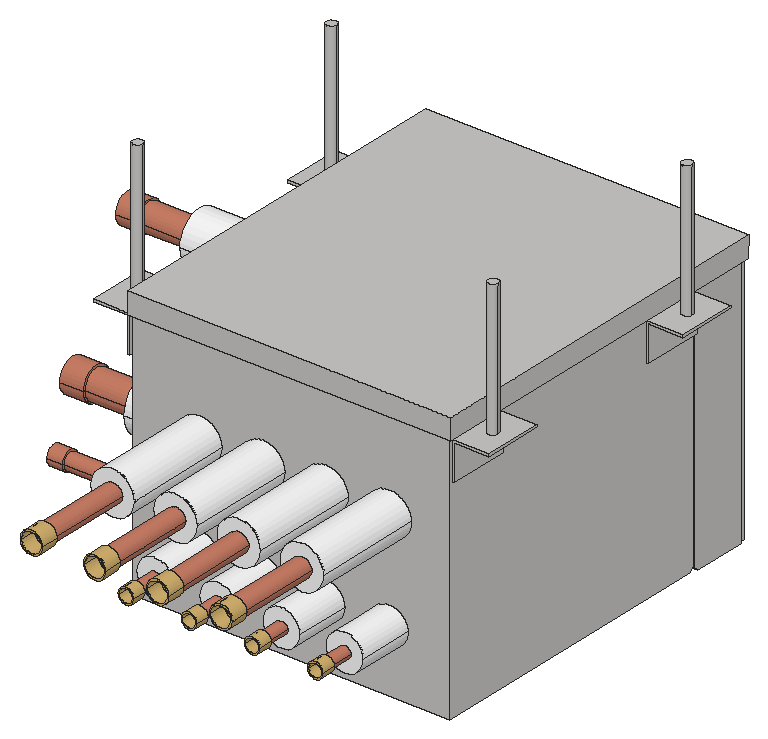
Revit family "Changeover_Box-VRF-Non_ducted-JCI-04_Port", category Mechanical Equipment, Revit 2014
Parameters (values of type "208v")
  Width = Body Width + Gas Front Connection Length  # 21.813"
  Voltage = 208 V
  Product Page URL = ""
  Product Name = "COB04M132B22S"
  Product Documentation Link = ""
  Power Factor = 0.8
  Power Consumption = 11.2 W
  Power Conduit Radius = Power Conduit Diameter / 2  # 7/16"
  Power Conduit Diameter = 7/8"
  Pitch = 4.750"
  Phase = 1
  Outdoor Suction Gas Wall Thickness = Outdoor Suction Gas Socket Outside Radius - Outdoor Suction Gas Socket Inside Radius  # 0.05511"
  Outdoor Suction Gas Socket Outside Radius = 1.0552 * Outdoor Suction Gas Radius + 0.095"  # 0.55665"
  Outdoor Suction Gas Socket Outside Depth = Outdoor Suction Gas Socket Inside Depth + Outdoor Suction Gas Wall Thickness  # 0.80823"
  Outdoor Suction Gas Socket Inside Radius = 1.0001 * Outdoor Suction Gas Radius + 0.064"  # 0.50154"
  Outdoor Suction Gas Socket Inside Depth = 1.15 * Outdoor Suction Gas Radius + 0.250"  # 0.75313"
  Outdoor Liquid Wall Thickness = Outdoor Liquid Socket Outside Radius - Outdoor Liquid Socket Inside Radius  # 0.04477"
  Outdoor Liquid Socket Outside Radius = 1.0552 * Outdoor Liquid Radius + 0.095"  # 0.3588"
  Outdoor Liquid Socket Outside Depth = Outdoor Liquid Socket Inside Depth + Outdoor Liquid Wall Thickness  # 0.58228"
  Outdoor Liquid Socket Inside Radius = 1.0001 * Outdoor Liquid Radius + 0.064"  # 0.31403"
  Outdoor Liquid Socket Inside Depth = 1.15 * Outdoor Liquid Radius + 0.250"  # 0.5375"
  Outdoor Discharge Gas Wall Thickness = Outdoor Discharge Gas Socket Outside Radius - Outdoor Discharge Gas Socket Inside Radius  # 0.05855"
  Outdoor Discharge Gas Socket Outside Radius = 1.0552 * Outdoor Discharge Gas Radius + 0.095"  # 0.6226"
  Outdoor Discharge Gas Socket Outside Depth = Outdoor Discharge Gas Socket Inside Depth + Outdoor Discharge Gas Wall Thickness  # 0.88355"
  Outdoor Discharge Gas Socket Inside Radius = 1.0001 * Outdoor Discharge Gas Radius + 0.064"  # 0.56405"
  Outdoor Discharge Gas Socket Inside Depth = 1.15 * Outdoor Discharge Gas Radius + 0.250"  # 0.825"
  Operating Weight = 30.9999 kgf
  Number of Poles = 2
  Minimum Circuit Current = 0.2 A
  Max Number of Connectable Indoor Units (per branch) = 6
  Max Connectable Capacity (total) = 132000.0 Btu/h
  Max Connectable Capacity (per branch) = 54000.0 Btu/h
  Material Takeoff [instance] = yes
  Liquid Side Connection Length = 4.313"
  Liquid Front Connection Length = 3.375"
  Lid Height = 0.800"
  Length 5 [instance] = if(Material Takeoff, 0.000", Indoor Liquid Socket Inside Depth)  # 0.000"
  Length 4 [instance] = if(Material Takeoff, 0.000", Indoor Gas Socket Inside Depth)  # 0.000"
  Length 31 [instance] = if(Material Takeoff, Outdoor Suction Gas Socket Inside Depth, 0.000")  # 0.75313"
  Length 30 [instance] = if(Material Takeoff, Outdoor Suction Gas Socket Inside Depth, Outdoor Suction Gas Wall Thickness)  # 0.75313"
  Length 29 [instance] = if(Material Takeoff, Outdoor Liquid Socket Inside Depth, 0.000")  # 0.5375"
  Length 28 [instance] = if(Material Takeoff, Outdoor Liquid Socket Inside Depth, Outdoor Liquid Wall Thickness)  # 0.5375"
  Length 27 [instance] = if(Material Takeoff, Outdoor Discharge Gas Socket Inside Depth, Outdoor Discharge Gas Wall Thickness)  # 0.825"
  Length 26 [instance] = if(Material Takeoff, Outdoor Discharge Gas Socket Inside Depth, 0.000")  # 0.825"
  Length 25 [instance] = if(Material Takeoff, 0.000" - Indoor Liquid Socket Inside Depth, 0.000")  # -0.46563"
  Length 24 [instance] = if(Material Takeoff, Indoor Liquid Socket Inside Depth, Indoor Liquid Wall Thickness)  # 0.46563"
  Length 23 [instance] = if(Material Takeoff, Indoor Liquid Socket Inside Depth, 0.000")  # 0.46563"
  Length 22 [instance] = if(Material Takeoff, 0.000" - Indoor Gas Socket Inside Depth, 0.000")  # -0.60938"
  Length 21 [instance] = if(Material Takeoff, Indoor Gas Socket Inside Depth, Indoor Gas Wall Thickness)  # 0.60938"
  Length 20 [instance] = if(Material Takeoff, Indoor Gas Socket Inside Depth, 0.000")  # 0.60938"
  Length 19 = 0.025"
  Length = Body Length + Gas Side Connection Length  # 19.938"
  Indoor Liquid Wall Thickness = Indoor Liquid Socket Outside Radius - Indoor Liquid Socket Inside Radius  # 0.04133"
  Indoor Liquid Socket Outside Radius = 1.0552 * Indoor Liquid Radius + 0.095"  # 0.29285"
  Indoor Liquid Socket Outside Depth = Indoor Liquid Socket Inside Depth + Indoor Liquid Wall Thickness  # 0.50696"
  Indoor Liquid Socket Inside Radius = 1.0001 * Indoor Liquid Radius + 0.064"  # 0.25152"
  Indoor Liquid Socket Inside Depth = 1.15 * Indoor Liquid Radius + 0.250"  # 0.46563"
  Indoor Liquid Insulation Length = 2.000"
  Indoor Gas Wall Thickness = Indoor Gas Socket Outside Radius - Indoor Gas Socket Inside Radius  # 0.04822"
  Indoor Gas Socket Outside Radius = 1.0552 * Indoor Gas Radius + 0.095"  # 0.42475"
  Outdoor Suction Gas Z Offset = 6.125"
  Outdoor Suction Gas Y Offset = 9.625"
  Outdoor Suction Gas Radius = 7/16"
  Outdoor Liquid Z Offset = 2.375"
  Outdoor Liquid Y Offset = 1.9375"
  Outdoor Liquid Radius = 1/4"
  Outdoor Discharge Gas Z Offset = 1.625"
  Outdoor Discharge Gas Y Offset = 7.063"
  Outdoor Discharge Gas Radius = 1/2"
  Length 8 = Outdoor Suction Gas Radius + 0.500"  # 0.9375"
  Outdoor Discharge Gas Body Radius = Outdoor Discharge Gas Radius + 0.060"  # 0.560"
  Length 6 = Outdoor Discharge Gas Radius + 0.500"  # 1.000"
  Indoor Gas Insulation Length = 4.000"
  Indoor Gas Body Radius = Indoor Gas Radius + Indoor Gas Wall Thickness  # 0.36072"
  Indoor Liquid Body Radius = Indoor Liquid Radius + Indoor Liquid Wall Thickness  # 0.22883"
  Length 3 = Indoor Liquid Radius + 0.500"  # 0.6875"
  Length 2 = Indoor Gas Radius + 0.500"  # 0.8125"
  Length 7 = 0.100"  # constant formula
  Length 18 = if(Indoor Gas Y Offset - Length 2 < Width / 2 - Length 1, Indoor Gas Y Offset - Length 2, (Width / 2 - Length 1))  # 2.1375"
  Outdoor Liquid Body Radius = Outdoor Liquid Radius + 0.060"  # 0.310"
  Length 16 = Outdoor Liquid Radius + 0.500"  # 0.750"
  Outdoor Suction Gas Body Radius = Outdoor Suction Gas Radius + 0.060"  # 0.4975"
  Length 1 = 1.125"  # constant formula
  Knockout Z Separation = 1.340"
  Knockout Y Offset = 5.390"
  Knockout Power Radius = 111/256"
  Knockout Control Radius = 101/256"
  Indoor Gas Z Offset = 6.125"
  Indoor Liquid Y Offset = 0.820"
  Indoor Liquid Z Offset = 2.375"
  Indoor Gas Y Offset = 2.950"
  Indoor Gas Socket Outside Depth = Indoor Gas Socket Inside Depth + Indoor Gas Wall Thickness  # 0.65759"
  Indoor Gas Socket Inside Radius = 1.0001 * Indoor Gas Radius + 0.064"  # 0.37653"
  Indoor Gas Socket Inside Depth = 1.15 * Indoor Gas Radius + 0.250"  # 0.60938"
  Highlight Material 1 = Metal - JCI - Brass
  Height = 10.250"
  Front Pipe Spacing = Pitch / 2  # 2.375"
  Gas Front Connection Length = 7.813"
  Frequency = 60 Hz
  Copyright © = "Copyright © 2001-2017 Johnson Controls"  # constant formula
  Control Z Offset = 0.830"
  Gas Side Connection Length = 7.813"
  Comms Conduit Radius = Comms Conduit Diameter / 2  # 1/2"
  Comms Conduit Diameter = 1"
  Body Width = 14.000"
  Body Length = Hanging Bolt Pitch - 1.250"  # 12.125"
  URL = "http://www.johnsoncontrols.com"
  Type Comments = "COB04M132B22S - 208v"
  Insulation Material = Plastic - JCI - White
  Model = Product Name  # "COB04M132B22S"
  Manufacturer = "Johnson Controls Inc."
  Load Classification = HVAC
  Length 9 [instance] = if(Clearance Zones, Clearance Front, 0.000")  # 0.000"
  Length 14 [instance] = if(Clearance Zones, Clearance Top, 0.000")  # 0.000"
  Length 13 [instance] = if(Clearance Zones, Clearance Bottom, 0.000")  # 0.000"
  Length 12 [instance] = if(Clearance Zones, Clearance Right, 0.000")  # 0.000"
  Length 11 [instance] = if(Clearance Zones, Clearance Left, 0.000")  # 0.000"
  Length 10 [instance] = if(Clearance Zones, Clearance Back, 0.000")  # 0.000"
  Hanging Bolt Pitch = 13.375"
  Description = "Cooling/Heating 4 Port Changeover Box"  # constant formula
  Hanging Bolts [instance] = yes
  Drop Rod Radius = 0.188"
  Hanging Height [instance] = 4.250"
  Drain Radius = 5/8"
  Indoor Liquid Radius = 3/16"
  Indoor Gas Radius = 5/16"
  DX Pipe Material = Metal - JCI - Copper
  Clearance Zones [instance] = no
  Clearance Top [instance] = 3.938"
  Clearance Right [instance] = 15.750"
  Clearance Material = Clearance Zones
  Clearance Left [instance] = 19.688"
  Clearance Front [instance] = 27.600"
  Clearance Bottom = 3.938"
  Clearance Back = 33.438"
  Body Material = Metal - JCI - Steel
  Assembly Code = "D3030200"
  Apparent Load = Minimum Circuit Current * Voltage / Power Factor  # 52 VA
  Angle 1 [instance] = if(Material Takeoff, 90.00°, 0.00°)  # 90.00°
Reference planes (in)
  plane 1 "Center (Front/Back)": y = 0
  plane 2: z = 0
  plane 3 "Center (Left/Right)": x = 0
  plane 4 "Back": y = 10.9065
  plane 5 "Front": y = -10.9065
  plane 6 "lid left": x = -6.0625
  plane 7 "lid right": x = 6.0625
  plane 8 "upper bracket left": x = -7.4375
  plane 9 "upper bracket right": x = 7.4375
  plane 10 "Left Bolt Pitch": x = -6.6875
  plane 11 "Right Bolt Pitch": x = 6.6875
  plane 12 "Top": z = 10.25
  plane 13 "Bottom": z = 0
  plane 14 "plate top": z = 9.45
  plane 15 "plate bottom": z = 9.371
  plane 16 "bracket 1 front": y = -2.9935
  plane 17 "Hanging Rods Height": z = 14.5
  plane 18 "bolt bottom": z = 9.071
  plane 19: z = 10.25
  plane 20 "Cleareance Left": x = -6.0625
  plane 21 "Clearance Right": x = 7.4375
  plane 22 "Clearance Front": y = -10.9065
  plane 23 "Clearance Back": y = 10.9065
  plane 24 "Clearance Top": z = 10.25
  plane 25 "Clearance Bottom": z = 0
  plane 26 "bracket 1 back": y = -0.7435
  plane 27 "rod 1 y cl": y = -1.8685
  plane 28 "Left": x = -13.7755
  plane 29 "Right": x = 7.4375
  plane 30 "trim back 1": y = 8.4065
  plane 31 "body top": z = 9.45
  plane 32 "body left": x = -5.9625
  plane 33 "body right": x = 5.9625
  plane 34 "bracket bottom": z = 8.05
  plane 35 "control z cl": z = 0.83
  plane 36 "power z cl": z = 2.17
  plane 37 "indoor liquid z cl": z = 2.375
  plane 38 "outside discharge gas y cl": y = 3.9695
  plane 39 "outdoor liquid y cl": y = -1.156
  plane 40 "outside suction gas y cl": y = 6.5315
  plane 41 "outdoor discharge gas z cl": z = 1.625
  plane 42 "outdoor liquid z cl": z = 2.375
  plane 43 "outdoor suction gas z cl": z = 6.125
  plane 44 "outdoor liquid inuslation left": x = -7.5625
  plane 45 "outdoor gas insulation left": x = -11.0625
  plane 46 "knockout y cl": y = 5.5165
  plane 47 "body back": y = 10.8065
  plane 48 "body front": y = -2.9935
  plane 49 "trim back 2": y = 7.9065
  plane 50 "drain y cl": y = 9.4065
  plane 51 "drain left": x = -7.3625
  plane 52 "front liquid x cl": x = -3.4375
  plane 53 "front gas x cl": x = -1.0625
  plane 54: x = 1.3125
  plane 55: x = 3.6875
  plane 56 "lid front": y = -3.0935
  plane 57 "gas insulation front": y = -7.0935
  plane 58 "indoor gas socket back": y = -10.24891
  plane 59 "indoor liquid socket back": y = -5.96154
  plane 60 "gas void back": y = -10.29713
  plane 61 "gas void front": y = -10.9065
  plane 62 "liquid void back": y = -6.00288
  plane 63 "liquid void front": y = -6.4685
  plane 64 "bracket 2 front": y = 6.1315
  plane 65 "bracket 2 back": y = 8.3815
  plane 66: y = 7.2565
  plane 67 "indoor gas z cl": z = 6.125
  plane 68 "indoor liquid front": y = -6.4685
  plane 69: y = -5.0935
  plane 70 "outside liquid left": x = -10.3755
Forms (in)
  Extrusion 1, solid, detail levels coarse
    sketch origin (0, 0, 0) x (0, 1, 0) y (0, 0, 1)
      loop
        line (-10.9065, 10.25) -> (-10.9065, 0) -> (10.9065, 0) -> (10.9065, 10.25) -> (-10.9065, 10.25)
    from -13.7755 to 7.4375
  Extrusion 2, solid, material "Metal - JCI - Steel" <- "Body Material", visible <- "Hanging Bolts", detail levels medium+fine
    sketch origin (0, 0, 9.45) x (-1, 0, 0) y (0, -1, 0)
      loop
        circle (6.6875, 1.8685) r 0.188
      loop
        circle (-6.6875, 1.8685) r 0.188
      loop
        circle (6.6875, -7.2565) r 0.188
      loop
        circle (-6.6875, -7.2565) r 0.188
    from 0 to 5.05
  Extrusion 3, solid, material "Clearance Zones" <- "Clearance Material", visible <- "Clearance Zones"
    sketch origin (0, 0, 10.25) x (-1, 0, 0) y (0, -1, 0)
      loop
        line (6.0625, -10.9065) -> (6.0625, 10.9065) -> (-7.4375, 10.9065) -> (-7.4375, -10.9065) -> (6.0625, -10.9065)
    from -10.25 to 0
  Extrusion 4, solid, material "Metal - JCI - Steel" <- "Body Material", visible <- "Hanging Bolts", detail levels medium+fine
    sketch origin (0, 0, 10.25) x (-1, 0, 0) y (0, -1, 0)
      loop
        circle (6.6875, 1.8685) r 0.188
      loop
        circle (-6.6875, 1.8685) r 0.188
      loop
        circle (6.6875, -7.2565) r 0.188
      loop
        circle (-6.6875, -7.2565) r 0.188
    from -1.179 to -0.879
  Extrusion 5, solid, material "Metal - JCI - Steel" <- "Body Material", detail levels fine
    sketch origin (0, 0, 10.25) x (-1, 0, 0) y (0, -1, 0)
      loop
        line (6.0625, -10.9065) -> (6.0625, 3.0935) -> (-6.0625, 3.0935) -> (-6.0625, -10.9065) -> (6.0625, -10.9065)
    from -0.8 to 0
  Extrusion 6, solid, material "Metal - JCI - Steel" <- "Body Material", detail levels medium+fine
    sketch origin (0, -10.9065, 0) x (-1, 0, 0) y (0, 0, 1)
      loop
        line (7.4375, 9.45) -> (6.0625, 9.45) -> (6.0625, 8.05) -> (6.1415, 8.05) -> (6.1415, 9.371) -> (7.4375, 9.371) -> (7.4375, 9.45)
      loop
        line (-6.0625, 8.05) -> (-6.0625, 9.45) -> (-7.4375, 9.45) -> (-7.4375, 9.371) -> (-6.1415, 9.371) -> (-6.1415, 8.05) -> (-6.0625, 8.05)
    from 7.913 to 10.163
  Revolve 7, solid, material "Metal - JCI - Copper" <- "DX Pipe Material", detail levels medium+fine
    sketch origin (0, 0, 1.625) x (0, 1, 0) y (-1, 0, 0)
      loop
        line (3.9695, 5.9625) -> (4.9695, 5.9625) -> (4.9695, 11.0625) -> (4.5295, 11.0625) -> (4.5295, 12.89195) -> (4.5921, 12.89195) -> (4.5921, 13.7755) -> (4.53355, 13.7755) -> (4.53355, 12.9505) -> (3.9695, 12.9505) -> (3.9695, 5.9625)
      axis (3.9695, 13.7755) -> (3.9695, 5.9625)
    angle from 0 to 360
  Revolve 8, solid, material "Metal - JCI - Copper" <- "DX Pipe Material", detail levels medium+fine
    sketch origin (0, 0, 2.375) x (0, 1, 0) y (-1, 0, 0)
      loop
        line (-1.156, 9.838) -> (-1.156, 5.9625) -> (-0.406, 5.9625) -> (-0.406, 7.5625) -> (-0.846, 7.5625) -> (-0.846, 9.79322) -> (-0.7972, 9.79322) -> (-0.7972, 10.3755) -> (-0.84198, 10.3755) -> (-0.84198, 9.838) -> (-1.156, 9.838)
      axis (-1.156, 10.3755) -> (-1.156, 5.9625)
    angle from 0 to 360
  Revolve 9, solid, material "Metal - JCI - Copper" <- "DX Pipe Material", detail levels medium+fine
    sketch origin (0, 0, 6.125) x (0, 1, 0) y (-1, 0, 0)
      loop
        line (7.08815, 13.7755) -> (7.03304, 13.7755) -> (7.03304, 13.02237) -> (6.5315, 13.02237) -> (6.5315, 5.9625) -> (7.469, 5.9625) -> (7.469, 11.0625) -> (7.029, 11.0625) -> (7.029, 12.96727) -> (7.08815, 12.96727) -> (7.08815, 13.7755)
      axis (6.5315, 13.7755) -> (6.5315, 5.9625)
    angle from 0 to 360
  Extrusion 10, solid, material "Metal - JCI - Steel" <- "Body Material", detail levels medium
    sketch origin (0, 0, 10.25) x (-1, 0, 0) y (0, -1, 0)
      loop
        line (5.9625, -10.9065) -> (5.9625, 2.9935) -> (-5.9625, 2.9935) -> (-5.9625, -10.9065) -> (5.9625, -10.9065)
    from 0 to -10.25
  Extrusion 11, solid, material "Metal - JCI - Copper" <- "DX Pipe Material", not visible
    sketch origin (-13.7755, 0, 0) x (0, 1, 0) y (0, 0, 1)
      loop
        circle (3.9695, 1.625) r 0.2
    from 0.825 <- "Length 26" to 3
  Extrusion 12, solid, material "Metal - JCI - Copper" <- "DX Pipe Material", not visible
    sketch origin (-10.3755, 0, 0) x (0, 1, 0) y (0, 0, 1)
      loop
        circle (-1.156, 2.375) r 0.2
    from 0.5375 <- "Length 29" to 3
  Extrusion 13, solid, material "Metal - JCI - Copper" <- "DX Pipe Material", not visible
    sketch origin (-13.7755, 0, 0) x (0, 1, 0) y (0, 0, 1)
      loop
        circle (6.5315, 6.125) r 0.2
    from 0.75313 <- "Length 31" to 3
  Extrusion 14, solid, material "Metal - JCI - Steel" <- "Body Material", detail levels fine
    sketch origin (-6.0625, 0, 0) x (0, 1, 0) y (0, 0, 1)
      loop
        line (8.53967, 0) -> (10.8065, 0) -> (10.8065, 9.45) -> (-2.9935, 9.45) -> (-2.9935, 0) -> (8.27333, 0) -> (8.4065, 0.13317) -> (8.53967, 0)
    from 0.1 to 12.025
  Extrusion 15, solid, material "Metal - JCI - Steel" <- "Body Material", detail levels fine
    sketch origin (-6.0625, 0, 0) x (0, 1, 0) y (0, 0, 1)
      loop
        line (8.53967, 0) -> (10.5565, 0) -> (10.5565, 9.45) -> (8.4065, 9.45) -> (8.4065, 0.13317) -> (8.53967, 0)
    from 0 to 12.125
  Extrusion 16, solid, material "Plastic - JCI - White" <- "Insulation Material", detail levels medium+fine
    sketch origin (0, -2.9935, 0) x (-1, 0, 0) y (0, 0, 1)
      loop
        circle (1.0625, 6.125) r 0.8125
      loop
        circle (-3.6875, 6.125) r 0.8125
      loop
        circle (3.4375, 6.125) r 0.8125
      loop
        circle (-1.3125, 6.125) r 0.8125
    from 0 to -4.1
  Extrusion 17, solid, material "Metal - JCI - Copper" <- "DX Pipe Material", detail levels medium+fine
    sketch origin (0, -10.9065, 0) x (-1, 0, 0) y (0, 0, 1)
      loop
        circle (1.0625, 6.125) r 0.36072
      loop
        circle (-3.6875, 6.125) r 0.36072
      loop
        circle (3.4375, 6.125) r 0.36072
      loop
        circle (-1.3125, 6.125) r 0.36072
    from 0.65759 to 3.813
  Extrusion 18, solid, material "Metal - JCI - Brass" <- "Highlight Material 1", detail levels medium+fine
    sketch origin (0, -10.9065, 0) x (-1, 0, 0) y (0, 0, 1)
      loop
        circle (1.0625, 6.125) r 0.42475
      loop
        circle (-3.6875, 6.125) r 0.42475
      loop
        circle (3.4375, 6.125) r 0.42475
      loop
        circle (-1.3125, 6.125) r 0.42475
    from 0 to 0.65759
  Extrusion 19, void
    sketch origin (0, -10.9065, 0) x (-1, 0, 0) y (0, 0, 1)
      loop
        circle (1.0625, 6.125) r 0.37653
      loop
        circle (-3.6875, 6.125) r 0.37653
      loop
        circle (3.4375, 6.125) r 0.37653
      loop
        circle (-1.3125, 6.125) r 0.37653
    from 0 to 0.60938
  Extrusion 20, solid, material "Metal - JCI - Copper" <- "DX Pipe Material", detail levels medium+fine
    sketch origin (0, -10.9065, 0) x (-1, 0, 0) y (0, 0, 1)
      loop
        circle (3.4375, 2.375) r 0.22883
      loop
        circle (-1.3125, 2.375) r 0.22883
      loop
        circle (1.0625, 2.375) r 0.22883
      loop
        circle (-3.6875, 2.375) r 0.22883
    from 5.813 to 4.94496
  Extrusion 21, solid, material "Metal - JCI - Brass" <- "Highlight Material 1", detail levels medium+fine
    sketch origin (0, -10.9065, 0) x (-1, 0, 0) y (0, 0, 1)
      loop
        circle (3.4375, 2.375) r 0.29285
      loop
        circle (-1.3125, 2.375) r 0.29285
      loop
        circle (1.0625, 2.375) r 0.29285
      loop
        circle (-3.6875, 2.375) r 0.29285
    from 4.438 to 4.94496
  Extrusion 22, void
    sketch origin (0, -10.9065, 0) x (-1, 0, 0) y (0, 0, 1)
      loop
        circle (3.4375, 2.375) r 0.25152
      loop
        circle (-1.3125, 2.375) r 0.25152
      loop
        circle (1.0625, 2.375) r 0.25152
      loop
        circle (-3.6875, 2.375) r 0.25152
    from 4.90363 to 4.438
  Extrusion 23, solid, material "Metal - JCI - Steel" <- "Body Material", detail levels medium+fine
    sketch origin (0, -10.9065, 0) x (-1, 0, 0) y (0, 0, 1)
      loop
        line (6.0625, 9.45) -> (6.0625, 8.05) -> (6.1415, 8.05) -> (6.1415, 9.371) -> (7.4375, 9.371) -> (7.4375, 9.45) -> (6.0625, 9.45)
      loop
        line (-6.1415, 8.05) -> (-6.0625, 8.05) -> (-6.0625, 9.45) -> (-7.4375, 9.45) -> (-7.4375, 9.371) -> (-6.1415, 9.371) -> (-6.1415, 8.05)
    from 17.038 to 19.288
  Extrusion 24, solid, material "Plastic - JCI - White" <- "Insulation Material", detail levels medium+fine
    sketch origin (0, -10.9065, 0) x (-1, 0, 0) y (0, 0, 1)
      loop
        circle (3.4375, 2.375) r 0.6875
      loop
        circle (-1.3125, 2.375) r 0.6875
      loop
        circle (1.0625, 2.375) r 0.6875
      loop
        circle (-3.6875, 2.375) r 0.6875
    from 5.813 to 7.913
  Extrusion 25, solid, material "Metal - JCI - Steel" <- "Body Material", detail levels medium+fine
    sketch origin (0, 0, 0) x (-1, 0, 0) y (0, -1, 0)
      loop
        circle (4.5875, -9.969) r 0.4375
      loop
        circle (-2.35, -9.594) r 0.5
    from 0 to 0.83
Cuts and joins
  Extrusion 19 cuts Extrusion 18
  Extrusion 22 cuts Extrusion 21
Lines and regions (in)
  Masking region 1, detail levels medium+fine
    outline origin (0, 0, 9.45) x (-1, 0, 0) y (0, -1, 0)
      loop
        line (6.0625, -10.9065) -> (6.0625, 3.0935) -> (-6.0625, 3.0935) -> (-6.0625, -10.9065) -> (6.0625, -10.9065)
  Masking region 2, detail levels medium+fine
    outline origin (0, 0, 0) x (1, 0, 0) y (0, 0, 1)
      loop
        line (-6.0625, 10.25) -> (-6.0625, 0) -> (6.0625, 0) -> (6.0625, 10.25) -> (-6.0625, 10.25)
  Masking region 3, detail levels coarse
    outline origin (0, 0, 0) x (0, 1, 0) y (0, 0, 1)
      loop
        line (-10.9065, 10.25) -> (-10.9065, 0) -> (10.9065, 0) -> (10.9065, 10.25) -> (-10.9065, 10.25)
  Masking region 4, visible <- "Hanging Bolts", detail levels fine
    outline origin (0, 0, 0) x (0, 1, 0) y (0, 0, 1)
      loop
        line (-2.0565, 14.5) -> (-2.0565, 9.45) -> (-1.6805, 9.45) -> (-1.6805, 14.5) -> (-2.0565, 14.5)
      loop
        line (-1.6805, 9.371) -> (-2.0565, 9.371) -> (-2.0565, 9.071) -> (-1.6805, 9.071) -> (-1.6805, 9.371)
      loop
        line (7.4445, 14.5) -> (7.0685, 14.5) -> (7.0685, 9.45) -> (7.4445, 9.45) -> (7.4445, 14.5)
      loop
        line (7.4445, 9.371) -> (7.0685, 9.371) -> (7.0685, 9.071) -> (7.4445, 9.071) -> (7.4445, 9.371)
  Masking region 5, detail levels fine
    outline origin (0, 0, 0) x (1, 0, 0) y (0, 0, 1)
      loop
        line (-7.4375, 9.45) -> (-7.4375, 9.371) -> (-6.1415, 9.371) -> (-6.1415, 8.05) -> (-6.0625, 8.05) -> (-6.0625, 9.45) -> (-7.4375, 9.45)
      loop
        line (6.1415, 9.371) -> (7.4375, 9.371) -> (7.4375, 9.45) -> (6.0625, 9.45) -> (6.0625, 8.05) -> (6.1415, 8.05) -> (6.1415, 9.371)
  Masking region 6, visible <- "Hanging Bolts", detail levels fine
    outline origin (0, 0, 0) x (1, 0, 0) y (0, 0, 1)
      loop
        line (-6.8755, 14.5) -> (-6.8755, 9.45) -> (-6.4995, 9.45) -> (-6.4995, 14.5) -> (-6.8755, 14.5)
      loop
        line (6.4995, 14.5) -> (6.4995, 9.45) -> (6.8755, 9.45) -> (6.8755, 14.5) -> (6.4995, 14.5)
      loop
        line (-6.8755, 9.371) -> (-6.8755, 9.071) -> (-6.4995, 9.071) -> (-6.4995, 9.371) -> (-6.8755, 9.371)
      loop
        line (6.4995, 9.371) -> (6.4995, 9.071) -> (6.8755, 9.071) -> (6.8755, 9.371) -> (6.4995, 9.371)
  Masking region 7, detail levels medium+fine
    outline origin (0, 0, 9.45) x (-1, 0, 0) y (0, -1, 0)
      loop
        line (10.3755, 0.7972) -> (10.3755, 1.5148) -> (9.79322, 1.5148) -> (9.79322, 1.466) -> (7.5625, 1.466) -> (7.5625, 1.906) -> (6.0625, 1.906) -> (6.0625, 0.406) -> (7.5625, 0.406) -> (7.5625, 0.846) -> (9.79322, 0.846) -> (9.79322, 0.7972) -> (10.3755, 0.7972)
  Masking region 8, detail levels medium+fine
    outline origin (0, 0, 9.45) x (-1, 0, 0) y (0, -1, 0)
      loop
        line (12.96727, -7.08815) -> (13.7755, -7.08815) -> (13.7755, -5.97485) -> (12.96727, -5.97485) -> (12.96727, -6.034) -> (11.0625, -6.034) -> (11.0625, -5.594) -> (6.0625, -5.594) -> (6.0625, -7.469) -> (11.0625, -7.469) -> (11.0625, -7.029) -> (12.96727, -7.029) -> (12.96727, -7.08815)
      loop
        line (12.89195, -4.5295) -> (12.89195, -4.5921) -> (13.7755, -4.5921) -> (13.7755, -3.3469) -> (12.89195, -3.3469) -> (12.89195, -3.4095) -> (11.0625, -3.4095) -> (11.0625, -2.9695) -> (6.0625, -2.9695) -> (6.0625, -4.9695) -> (11.0625, -4.9695) -> (11.0625, -4.5295) -> (12.89195, -4.5295)
  Masking region 9, detail levels coarse
    outline origin (0, 0, 10.25) x (-1, 0, 0) y (0, -1, 0)
      loop
        line (-7.4375, -10.9065) -> (13.7755, -10.9065) -> (13.7755, 10.9065) -> (-7.4375, 10.9065) -> (-7.4375, -10.9065)
  Masking region 10, detail levels coarse
    outline origin (0, -10.9065, 0) x (-1, 0, 0) y (0, 0, 1)
      loop
        line (13.7755, 10.25) -> (-7.4375, 10.25) -> (-7.4375, 0) -> (13.7755, 0) -> (13.7755, 10.25)
  Masking region 11, detail levels medium+fine
    outline origin (5.9625, 0, 0) x (0, 1, 0) y (0, 0, 1)
      loop
        line (-2.9935, 3.0625) -> (-5.0935, 3.0625) -> (-5.0935, 2.60383) -> (-5.96154, 2.60383) -> (-5.96154, 2.66785) -> (-6.4685, 2.66785) -> (-6.4685, 2.08215) -> (-5.96154, 2.08215) -> (-5.96154, 2.14617) -> (-5.0935, 2.14617) -> (-5.0935, 1.6875) -> (-2.9935, 1.6875) -> (-2.9935, 3.0625)
      loop
        line (-2.9935, 6.9375) -> (-7.0935, 6.9375) -> (-7.0935, 6.48572) -> (-10.24891, 6.48572) -> (-10.24891, 6.54975) -> (-10.9065, 6.54975) -> (-10.9065, 5.70025) -> (-10.24891, 5.70025) -> (-10.24891, 5.76428) -> (-7.0935, 5.76428) -> (-7.0935, 5.3125) -> (-2.9935, 5.3125) -> (-2.9935, 6.9375)
  Masking region 12, detail levels medium
    outline origin (0, 0, 0) x (0, 1, 0) y (0, 0, 1)
      loop
        line (10.9065, 10.25) -> (-2.9935, 10.25) -> (-2.9935, 0) -> (10.9065, 0) -> (10.9065, 10.25)
  Masking region 13, detail levels coarse
    outline origin (0, 0, 0) x (1, 0, 0) y (0, 0, 1)
      loop
        line (-13.7755, 10.25) -> (-13.7755, 0) -> (7.4375, 0) -> (7.4375, 10.25) -> (-13.7755, 10.25)
  Masking region 14, detail levels fine
    outline origin (0, 0, 0) x (0, 1, 0) y (0, 0, 1)
      loop
        line (10.8065, 9.45) -> (10.9065, 9.45) -> (10.9065, 10.25) -> (-3.0935, 10.25) -> (-3.0935, 9.45) -> (-2.9935, 9.45) -> (-2.9935, 0) -> (8.27333, 0) -> (8.4065, 0.13317) -> (8.53967, 0) -> (10.8065, 0) -> (10.8065, 9.45)
  Masking region 15, detail levels medium+fine
    outline origin (0, 0, 10.25) x (-1, 0, 0) y (0, -1, 0)
      loop
        line (6.0625, -8.3815) -> (7.4375, -8.3815) -> (7.4375, -6.1315) -> (6.0625, -6.1315) -> (6.0625, -8.3815)
      loop
        line (6.0625, 0.7435) -> (7.4375, 0.7435) -> (7.4375, 2.9935) -> (6.0625, 2.9935) -> (6.0625, 0.7435)
      loop
        line (-7.4375, 0.7435) -> (-6.0625, 0.7435) -> (-6.0625, 2.9935) -> (-7.4375, 2.9935) -> (-7.4375, 0.7435)
      loop
        line (-7.4375, -8.3815) -> (-6.0625, -8.3815) -> (-6.0625, -6.1315) -> (-7.4375, -6.1315) -> (-7.4375, -8.3815)
  Masking region 16, detail levels medium+fine
    outline origin (0, 0, 10.25) x (-1, 0, 0) y (0, -1, 0)
      loop
        line (3.79822, 7.0935) -> (3.79822, 10.24891) -> (3.86225, 10.24891) -> (3.86225, 10.9065) -> (3.01275, 10.9065) -> (3.01275, 10.24891) -> (3.07678, 10.24891) -> (3.07678, 7.0935) -> (2.625, 7.0935) -> (2.625, 3.0935) -> (4.25, 3.0935) -> (4.25, 7.0935) -> (3.79822, 7.0935)
      loop
        line (1.42322, 7.0935) -> (1.42322, 10.24891) -> (1.48725, 10.24891) -> (1.48725, 10.9065) -> (0.63775, 10.9065) -> (0.63775, 10.24891) -> (0.70178, 10.24891) -> (0.70178, 7.0935) -> (0.25, 7.0935) -> (0.25, 3.0935) -> (1.875, 3.0935) -> (1.875, 7.0935) -> (1.42322, 7.0935)
      loop
        line (-0.95178, 7.0935) -> (-0.95178, 10.24891) -> (-0.88775, 10.24891) -> (-0.88775, 10.9065) -> (-1.73725, 10.9065) -> (-1.73725, 10.24891) -> (-1.67322, 10.24891) -> (-1.67322, 7.0935) -> (-2.125, 7.0935) -> (-2.125, 3.0935) -> (-0.5, 3.0935) -> (-0.5, 7.0935) -> (-0.95178, 7.0935)
      loop
        line (-3.32678, 7.0935) -> (-3.32678, 10.24891) -> (-3.26275, 10.24891) -> (-3.26275, 10.9065) -> (-4.11225, 10.9065) -> (-4.11225, 10.24891) -> (-4.04822, 10.24891) -> (-4.04822, 7.0935) -> (-4.5, 7.0935) -> (-4.5, 3.0935) -> (-2.875, 3.0935) -> (-2.875, 7.0935) -> (-3.32678, 7.0935)
  Masking region 17, detail levels fine
    outline origin (0, 6.5315, 0) x (0, 0, 1) y (-1, 0, 0)
      loop
        line (6.68165, 13.7755) -> (5.56835, 13.7755) -> (5.56835, 12.96727) -> (5.6275, 12.96727) -> (5.6275, 11.0625) -> (5.1875, 11.0625) -> (5.1875, 6.0625) -> (7.0625, 6.0625) -> (7.0625, 11.0625) -> (6.6225, 11.0625) -> (6.6225, 12.96727) -> (6.68165, 12.96727) -> (6.68165, 13.7755)
      loop
        line (2.2476, 12.89195) -> (2.2476, 13.7755) -> (1.0024, 13.7755) -> (1.0024, 12.89195) -> (1.065, 12.89195) -> (1.065, 11.0625) -> (0.625, 11.0625) -> (0.625, 6.0625) -> (2.625, 6.0625) -> (2.625, 11.0625) -> (2.185, 11.0625) -> (2.185, 12.89195) -> (2.2476, 12.89195)
  Masking region 18, detail levels medium+fine
    outline origin (0, -1.156, 0) x (0, 0, 1) y (-1, 0, 0)
      loop
        line (2.7338, 9.79322) -> (2.7338, 10.3755) -> (2.0162, 10.3755) -> (2.0162, 9.79322) -> (2.065, 9.79322) -> (2.065, 7.5625) -> (1.625, 7.5625) -> (1.625, 6.0625) -> (3.125, 6.0625) -> (3.125, 7.5625) -> (2.685, 7.5625) -> (2.685, 9.79322) -> (2.7338, 9.79322)
  symbolic lines, detail levels medium+fine
    curve 1: circle (-6.6875, -1.8685, 9.45) r 0.188 normal (0, 0, 1)
    curve 2: circle (6.6875, -1.8685, 9.45) r 0.188 normal (0, 0, 1)
    curve 3: line (0, -2.9935, 9.371) -> (0, -0.7435, 9.371)
    curve 17: line (-9.79322, -0.846, 9.45) -> (-9.79322, -1.466, 9.45)
    curve 18: line (-7.5625, -0.846, 9.45) -> (-7.5625, -1.466, 9.45)
    curve 19: line (-12.96727, 7.029, 9.45) -> (-12.96727, 6.034, 9.45)
    curve 20: line (-11.0625, 7.029, 9.45) -> (-11.0625, 6.034, 9.45)
    curve 24: circle (-6.0625, 3.9695, 1.625) r 1 normal (1, 0, 0)
    curve 25: circle (-6.0625, 3.9695, 1.625) r 0.6226 normal (1, 0, 0)
    curve 26: circle (-6.0625, -1.156, 2.375) r 0.3588 normal (1, 0, 0)
    curve 27: circle (-6.0625, -1.156, 2.375) r 0.75 normal (1, 0, 0)
    curve 28: circle (-6.0625, 6.5315, 6.125) r 0.55665 normal (1, 0, 0)
    curve 29: circle (-6.0625, 6.5315, 6.125) r 0.9375 normal (1, 0, 0)
    curve 34: line (5.9625, -5.0935, 2.60383) -> (5.9625, -5.0935, 2.14617)
    curve 35: line (5.9625, -5.96154, 2.60383) -> (5.9625, -5.96154, 2.14617)
    curve 36: circle (-3.4375, -10.9065, 2.375) r 0.5875 normal (0, 1, 0)
    curve 37: circle (-1.0625, -10.9065, 6.125) r 0.8125 normal (0, 1, 0)
    curve 38: circle (1.3125, -10.9065, 2.375) r 0.5875 normal (0, 1, 0)
    curve 39: circle (3.6875, -10.9065, 6.125) r 0.8125 normal (0, 1, 0)
    curve 40: circle (-3.4375, -10.9065, 2.375) r 0.29285 normal (0, 1, 0)
    curve 41: circle (-1.0625, -10.9065, 6.125) r 0.42475 normal (0, 1, 0)
    curve 42: circle (1.3125, -10.9065, 2.375) r 0.29285 normal (0, 1, 0)
    curve 43: circle (3.6875, -10.9065, 6.125) r 0.42475 normal (0, 1, 0)
    curve 46: circle (6.6875, 7.2565, 10.25) r 0.188 normal (0, 0, 1)
    curve 47: circle (-6.6875, 7.2565, 10.25) r 0.188 normal (0, 0, 1)
    curve 48: line (-11.0625, 4.5295, 9.45) -> (-11.0625, 3.4095, 9.45)
    curve 49: line (-12.89195, 4.5295, 9.45) -> (-12.89195, 3.4095, 9.45)
    curve 50: line (-3.79822, -7.0935, 10.25) -> (-3.07678, -7.0935, 10.25)
    curve 51: line (-1.42322, -7.0935, 10.25) -> (-0.70178, -7.0935, 10.25)
    curve 52: line (0.95178, -7.0935, 10.25) -> (1.67322, -7.0935, 10.25)
    curve 53: line (3.32678, -7.0935, 10.25) -> (4.04822, -7.0935, 10.25)
    curve 54: line (-3.79822, -10.24891, 10.25) -> (-3.07678, -10.24891, 10.25)
    curve 55: line (-1.42322, -10.24891, 10.25) -> (-0.70178, -10.24891, 10.25)
    curve 56: line (1.67322, -10.24891, 10.25) -> (0.95178, -10.24891, 10.25)
    curve 57: line (3.32678, -10.24891, 10.25) -> (4.04822, -10.24891, 10.25)
    curve 60: line (-5.9625, 6.1315, 9.371) -> (-5.9625, 8.3815, 9.371)
    curve 63: line (-12.96727, 6.5315, 6.6225) -> (-12.96727, 6.5315, 5.6275)
    curve 64: line (-11.0625, 6.5315, 6.6225) -> (-11.0625, 6.5315, 5.6275)
    curve 65: line (-12.89195, 6.5315, 2.185) -> (-12.89195, 6.5315, 1.065)
    curve 66: line (-11.0625, 6.5315, 2.185) -> (-11.0625, 6.5315, 1.065)
    curve 67: line (-5.9625, -7.0935, 6.48572) -> (-5.9625, -7.0935, 5.76428)
    curve 68: line (-5.9625, -10.24891, 6.48572) -> (-5.9625, -10.24891, 5.76428)
    curve 69: circle (-3.4375, -10.9065, 6.125) r 0.37653 normal (0, 1, 0)
    curve 70: circle (-3.4375, -10.9065, 6.125) r 0.8125 normal (0, 1, 0)
    curve 71: circle (1.3125, -10.9065, 6.125) r 0.8125 normal (0, 1, 0)
    curve 72: circle (1.3125, -10.9065, 6.125) r 0.37653 normal (0, 1, 0)
    curve 73: circle (-1.0625, -10.9065, 2.375) r 0.25152 normal (0, 1, 0)
    curve 74: circle (-1.0625, -10.9065, 2.375) r 0.6875 normal (0, 1, 0)
    curve 75: circle (3.6875, -10.9065, 2.375) r 0.25152 normal (0, 1, 0)
    curve 76: circle (3.6875, -10.9065, 2.375) r 0.6875 normal (0, 1, 0)
    curve 77: line (-9.79322, -1.156, 2.685) -> (-9.79322, -1.156, 2.065)
    curve 78: line (-7.5625, -1.156, 2.685) -> (-7.5625, -1.156, 2.065)
  symbolic lines, visible <- "Hanging Bolts", detail levels medium
    curve 4: line (0, -1.8685, 9.071) -> (0, -1.8685, 14.5)
    curve 7: line (-6.6875, 0, 14.5) -> (-6.6875, 0, 9.071)
    curve 8: line (6.6875, 0, 14.5) -> (6.6875, 0, 9.071)
    curve 79: line (0, 7.2565, 9.071) -> (0, 7.2565, 14.5)
  symbolic lines, detail levels medium
    curve 5: line (-7.4375, 0, 9.45) -> (-6.0625, 0, 9.45)
    curve 6: line (6.0625, 0, 9.45) -> (7.4375, 0, 9.45)
  symbolic lines, style "Clearance Zones", visible <- "Clearance Zones"
    curve 9: line (-6.0625, -10.9065, 10.25) -> (7.4375, -10.9065, 10.25)
    curve 10: line (-6.0625, -10.9065, 0) -> (-6.0625, -10.9065, 10.25)
    curve 11: line (7.4375, -10.9065, 0) -> (-6.0625, -10.9065, 0)
    curve 12: line (7.4375, -10.9065, 10.25) -> (7.4375, -10.9065, 0)
    curve 13: line (0, -10.9065, 10.25) -> (0, 10.9065, 10.25)
    curve 14: line (0, -10.9065, 0) -> (0, -10.9065, 10.25)
    curve 15: line (0, 10.9065, 0) -> (0, -10.9065, 0)
    curve 16: line (0, 10.9065, 10.25) -> (0, 10.9065, 0)
    curve 30: line (-6.0625, 10.9065, 10.25) -> (7.4375, 10.9065, 10.25)
    curve 31: line (-6.0625, -10.9065, 10.25) -> (-6.0625, 10.9065, 10.25)
    curve 32: line (7.4375, -10.9065, 10.25) -> (-6.0625, -10.9065, 10.25)
    curve 33: line (7.4375, 10.9065, 10.25) -> (7.4375, -10.9065, 10.25)
  symbolic lines, detail levels fine
    curve 21: line (6.0625, -2.9935, 9.45) -> (6.0625, -2.9935, 8.05)
    curve 22: line (6.0625, -2.9935, 8.05) -> (6.0625, -0.7435, 8.05)
    curve 23: line (6.0625, -0.7435, 8.05) -> (6.0625, -0.7435, 9.45)
    curve 44: line (-6.0625, -10.9065, 9.45) -> (6.0625, -10.9065, 9.45)
    curve 45: line (-5.9625, 10.9065, 9.45) -> (-5.9625, -3.0935, 9.45)
    curve 58: line (-5.9625, 6.1315, 8.05) -> (-5.9625, 8.3815, 8.05)
    curve 59: line (-5.9625, 6.1315, 9.45) -> (-5.9625, 6.1315, 8.05)
    curve 61: line (-5.9625, 10.5565, 0) -> (-5.9625, 10.5565, 9.45)
    curve 62: line (-5.9625, 8.4065, 9.45) -> (-5.9625, 8.4065, 0.13317)
Dimensions and locks (in)
  equal spacing: plane 6 "lid left", plane 3 "Center (Left/Right)", plane 7 "lid right"
  equal spacing: plane 4 "Back", plane 1 "Center (Front/Back)", plane 5 "Front"
  "Width": plane 4 "Back" to plane 5 "Front"
  "Height": plane 12 "Top" to plane 13 "Bottom"
  "Hanging Height": plane 17 "Hanging Rods Height" to plane 12 "Top"
  locked: plane 15 "plate bottom" to plane 18 "bolt bottom" at 0.3
  "Drop Rod Radius": plane 10 "Left Bolt Pitch" to Masking region 6 sketch curve  (x2)
  "Drop Rod Radius": plane 11 "Right Bolt Pitch" to Masking region 6 sketch curve  (x2)
  "Length 11": plane 20 "Cleareance Left" to plane 6 "lid left"
  "Length 14": plane 24 "Clearance Top" to plane 12 "Top"
  "Length 13": plane 13 "Bottom" to plane 25 "Clearance Bottom"
  "Length 1": plane 26 "bracket 1 back" to plane 27 "rod 1 y cl"
  locked: plane 14 "plate top" to plane 15 "plate bottom" at 0.079
  "Body Length": plane 6 "lid left" to plane 7 "lid right"
  locked: plane 8 "upper bracket left" to plane 10 "Left Bolt Pitch" at 0.75
  locked: plane 11 "Right Bolt Pitch" to plane 9 "upper bracket right" at 0.75
  equal spacing: plane 10 "Left Bolt Pitch", plane 3 "Center (Left/Right)", plane 11 "Right Bolt Pitch"
  "Hanging Bolt Pitch": plane 10 "Left Bolt Pitch" to plane 11 "Right Bolt Pitch"
  locked: plane 4 "Back" to plane 30 "trim back 1" at 2.5
  "Lid Height": plane 12 "Top" to plane 31 "body top"
  locked: plane 6 "lid left" to plane 32 "body left" at 0.1
  locked: plane 33 "body right" to plane 7 "lid right" at 0.1
  locked: plane 14 "plate top" to plane 34 "bracket bottom" at 1.4
  locked: Extrusion 6 sketch curve to Extrusion 6 sketch curve at 0.079  (x2)
  "Control Z Offset": plane 35 "control z cl" to plane 13 "Bottom"
  "Knockout Z Separation": plane 36 "power z cl" to plane 35 "control z cl"
  "Indoor Liquid Z Offset": plane 37 "indoor liquid z cl" to plane 13 "Bottom"
  "Outdoor Discharge Gas Y Offset": plane 38 "outside discharge gas y cl" to plane 56 "lid front"
  "Outdoor Liquid Y Offset": plane 39 "outdoor liquid y cl" to plane 56 "lid front"
  "Drop Rod Radius": Masking region 4 sketch curve to plane 27 "rod 1 y cl"
  "Drop Rod Radius": plane 27 "rod 1 y cl" to Masking region 4 sketch curve
  "Outdoor Suction Gas Y Offset": plane 40 "outside suction gas y cl" to plane 56 "lid front"
  "Outdoor Discharge Gas Z Offset": plane 41 "outdoor discharge gas z cl" to plane 13 "Bottom"
  "Outdoor Liquid Z Offset": plane 42 "outdoor liquid z cl" to plane 13 "Bottom"
  "Outdoor Suction Gas Z Offset": plane 43 "outdoor suction gas z cl" to plane 13 "Bottom"
  locked: plane 44 "outdoor liquid inuslation left" to plane 6 "lid left" at 1.5
  locked: plane 45 "outdoor gas insulation left" to plane 6 "lid left" at 5
  "Outdoor Discharge Gas Socket Outside Depth": Revolve 7 sketch curve to Revolve 7 sketch curve
  "Length 6": Revolve 7 sketch curve to Revolve 7 sketch curve
  "Outdoor Discharge Gas Body Radius": Revolve 7 sketch curve to Revolve 7 sketch curve
  "Outdoor Liquid Socket Outside Depth": Revolve 8 sketch curve to Revolve 8 sketch curve
  "Outdoor Liquid Body Radius": Revolve 8 sketch curve to Revolve 8 sketch curve
  "Length 16": Revolve 8 sketch curve to Revolve 8 sketch curve
  "Outdoor Suction Gas Socket Outside Depth": Revolve 9 sketch curve to Revolve 9 sketch curve
  "Outdoor Suction Gas Body Radius": Revolve 9 sketch curve to Revolve 9 sketch curve
  "Length 8": Revolve 9 sketch curve to Revolve 9 sketch curve
  "Knockout Y Offset": plane 46 "knockout y cl" to plane 4 "Back"
  locked: Masking region 5 sketch curve to plane 6 "lid left" at 0.079
  "Length 12": plane 29 "Right" to plane 21 "Clearance Right"
  "Length 9": plane 22 "Clearance Front" to plane 5 "Front"
  "Length 10": plane 4 "Back" to plane 23 "Clearance Back"
  "Outdoor Discharge Gas Wall Thickness": Revolve 7 sketch curve to Revolve 7 sketch curve
  "Length 27": Revolve 7 sketch curve to Revolve 7 sketch curve
  "Outdoor Liquid Socket Outside Radius": Revolve 8 sketch curve to Revolve 8 sketch curve
  "Outdoor Liquid Wall Thickness": Revolve 8 sketch curve to Revolve 8 sketch curve
  "Length 28": Revolve 8 sketch curve to Revolve 8 sketch curve
  "Outdoor Discharge Gas Socket Outside Radius": Revolve 7 sketch curve to Revolve 7 sketch curve
  "Outdoor Suction Gas Socket Outside Radius": Revolve 9 sketch curve to Revolve 9 sketch curve
  "Outdoor Suction Gas Wall Thickness": Revolve 9 sketch curve to Revolve 9 sketch curve
  "Length 30": Revolve 9 sketch curve to Revolve 9 sketch curve
  locked: plane 4 "Back" to plane 47 "body back" at 0.1
  locked: plane 30 "trim back 1" to plane 49 "trim back 2" at 0.5
  locked: plane 4 "Back" to plane 50 "drain y cl" at 1.5
  plane 47 "body back" to Extrusion 15 sketch curve = 0.250"
  locked: plane 51 "drain left" to plane 6 "lid left" at 1.3
  "Front Pipe Spacing": plane 52 "front liquid x cl" to plane 53 "front gas x cl"
  locked: plane 6 "lid left" to plane 52 "front liquid x cl" at 2.625
  "Front Pipe Spacing": plane 54 to plane 55
  "Pitch": plane 52 "front liquid x cl" to plane 54
  "Gas Front Connection Length": plane 56 "lid front" to plane 5 "Front"
  locked: plane 48 "body front" to plane 56 "lid front" at 0.1
  "Indoor Gas Insulation Length": plane 56 "lid front" to plane 57 "gas insulation front"
  "Indoor Gas Socket Outside Depth": plane 58 "indoor gas socket back" to plane 5 "Front"
  "Indoor Gas Socket Inside Depth": plane 60 "gas void back" to plane 61 "gas void front"
  "Length 4": plane 5 "Front" to plane 61 "gas void front"
  "Indoor Liquid Socket Inside Depth": plane 62 "liquid void back" to plane 63 "liquid void front"
  "Length 3": Masking region 11 sketch curve to plane 37 "indoor liquid z cl"  (x2)
  "Indoor Liquid Body Radius": Masking region 11 sketch curve to plane 37 "indoor liquid z cl"  (x2)
  "Indoor Liquid Socket Outside Radius": Masking region 11 sketch curve to plane 37 "indoor liquid z cl"  (x2)
  "Length 1": plane 65 "bracket 2 back" to plane 66
  equal spacing: plane 26 "bracket 1 back", plane 27 "rod 1 y cl", plane 16 "bracket 1 front", locked at 1.125 each
  equal spacing: plane 65 "bracket 2 back", plane 66, plane 64 "bracket 2 front", locked at 1.125 each
  "Length 19": plane 30 "trim back 1" to plane 65 "bracket 2 back"
  "Drop Rod Radius": Masking region 4 sketch curve to plane 66
  "Drop Rod Radius": plane 66 to Masking region 4 sketch curve
  "Gas Side Connection Length": plane 28 "Left" to plane 32 "body left"
  "Indoor Gas Z Offset": plane 67 "indoor gas z cl" to plane 13 "Bottom"
  "Liquid Front Connection Length": plane 56 "lid front" to plane 68 "indoor liquid front"
  "Indoor Liquid Insulation Length": plane 56 "lid front" to plane 69
  "Indoor Liquid Socket Outside Depth": plane 59 "indoor liquid socket back" to plane 68 "indoor liquid front"
  "Length 5": plane 68 "indoor liquid front" to plane 63 "liquid void front"
  "Liquid Side Connection Length": plane 70 "outside liquid left" to plane 6 "lid left"
  locked: plane 4 "Back" to Extrusion 25 sketch curve at 0.9375
  locked: plane 32 "body left" to Extrusion 25 sketch curve at 1.375
  locked: plane 4 "Back" to Extrusion 25 sketch curve at 1.3125
  Extrusion 25 sketch curve to Extrusion 25 sketch curve = 6.9375"
  "Length 8": Masking region 17 sketch curve to plane 67 "indoor gas z cl"
  "Length 8": plane 67 "indoor gas z cl" to Masking region 17 sketch curve
  "Outdoor Suction Gas Body Radius": plane 67 "indoor gas z cl" to Masking region 17 sketch curve
  "Outdoor Suction Gas Body Radius": Masking region 17 sketch curve to plane 67 "indoor gas z cl"
  "Outdoor Suction Gas Socket Outside Depth": Masking region 17 sketch curve to Masking region 17 sketch curve
  "Outdoor Suction Gas Socket Outside Radius": Masking region 17 sketch curve to plane 67 "indoor gas z cl"
  "Outdoor Suction Gas Socket Outside Radius": plane 67 "indoor gas z cl" to Masking region 17 sketch curve
  "Outdoor Discharge Gas Body Radius": Masking region 17 sketch curve to plane 41 "outdoor discharge gas z cl"
  "Outdoor Discharge Gas Body Radius": plane 41 "outdoor discharge gas z cl" to Masking region 17 sketch curve
  "Outdoor Discharge Gas Socket Outside Depth": Masking region 17 sketch curve to Masking region 17 sketch curve
  "Outdoor Discharge Gas Socket Outside Radius": Masking region 17 sketch curve to plane 41 "outdoor discharge gas z cl"
  "Outdoor Discharge Gas Socket Outside Radius": plane 41 "outdoor discharge gas z cl" to Masking region 17 sketch curve
  "Length 6": Masking region 17 sketch curve to plane 41 "outdoor discharge gas z cl"
  "Length 6": plane 41 "outdoor discharge gas z cl" to Masking region 17 sketch curve
  "Length 2": Masking region 11 sketch curve to plane 67 "indoor gas z cl"  (x2)
  "Indoor Gas Body Radius": Masking region 11 sketch curve to plane 67 "indoor gas z cl"  (x2)
  "Indoor Gas Socket Outside Radius": Masking region 11 sketch curve to plane 67 "indoor gas z cl"  (x2)
  "Outdoor Liquid Socket Outside Depth": Masking region 18 sketch curve to plane 70 "outside liquid left"
  "Outdoor Liquid Body Radius": Masking region 18 sketch curve to plane 42 "outdoor liquid z cl"
  "Outdoor Liquid Body Radius": plane 42 "outdoor liquid z cl" to Masking region 18 sketch curve
  "Length 16": plane 42 "outdoor liquid z cl" to Masking region 18 sketch curve
  "Length 16": Masking region 18 sketch curve to plane 42 "outdoor liquid z cl"
  "Outdoor Liquid Socket Outside Radius": Masking region 18 sketch curve to plane 42 "outdoor liquid z cl"
  "Outdoor Liquid Socket Outside Radius": plane 42 "outdoor liquid z cl" to Masking region 18 sketch curve
  "Drop Rod Radius": radius of Extrusion 2 sketch curve  (x4)
  "Drop Rod Radius": radius of curve 1
  "Drop Rod Radius": radius of curve 2
  radius of Extrusion 11 sketch curve = 0.200"
  radius of Extrusion 12 sketch curve = 0.200"
  radius of Extrusion 13 sketch curve = 0.200"
  "Length 2": radius of Extrusion 16 sketch curve  (x4)
  "Indoor Gas Body Radius": radius of Extrusion 17 sketch curve  (x4)
  "Indoor Gas Socket Outside Radius": radius of Extrusion 18 sketch curve  (x4)
  "Indoor Gas Socket Inside Radius": radius of Extrusion 19 sketch curve  (x4)
  "Indoor Liquid Body Radius": radius of Extrusion 20 sketch curve  (x4)
  "Indoor Liquid Socket Outside Radius": radius of Extrusion 21 sketch curve  (x4)
  "Indoor Liquid Socket Inside Radius": radius of Extrusion 22 sketch curve  (x4)
  "Length 3": radius of Extrusion 24 sketch curve  (x4)
  "Power Conduit Radius": radius of Extrusion 25 sketch curve
  "Comms Conduit Radius": radius of Extrusion 25 sketch curve
  "Angle 1": angle Revolve 7 sketch curve to Revolve 7 sketch curve
  "Angle 1": angle Revolve 8 sketch curve to Revolve 8 sketch curve
  "Angle 1": angle Revolve 9 sketch curve to Revolve 9 sketch curve
  aligned and locked: Extrusion 1 sketch curve to plane 12 "Top"
  aligned and locked: plane 13 "Bottom" to Extrusion 1 sketch curve
  aligned and locked: plane 10 "Left Bolt Pitch" to Extrusion 2 sketch curve  (x2)
  aligned and locked: plane 11 "Right Bolt Pitch" to Extrusion 2 sketch curve  (x2)
  aligned and locked: plane 17 "Hanging Rods Height" to Extrusion 2
  aligned and locked: plane 2 to plane 13 "Bottom"
  aligned and locked: plane 6 "lid left" to Masking region 1 sketch curve
  aligned and locked: Masking region 1 sketch curve to plane 4 "Back"
  aligned and locked: Masking region 1 sketch curve to plane 7 "lid right"
  aligned and locked: Masking region 2 sketch curve to plane 12 "Top"
  aligned and locked: plane 6 "lid left" to Masking region 2 sketch curve
  aligned and locked: plane 13 "Bottom" to Masking region 2 sketch curve
  aligned and locked: Masking region 2 sketch curve to plane 7 "lid right"
  aligned and locked: Masking region 3 sketch curve to plane 12 "Top"
  aligned and locked: plane 5 "Front" to Masking region 3 sketch curve
  aligned and locked: Masking region 3 sketch curve to plane 4 "Back"
  aligned and locked: plane 13 "Bottom" to Masking region 3 sketch curve
  aligned and locked: plane 10 "Left Bolt Pitch" to curve 1
  aligned and locked: plane 11 "Right Bolt Pitch" to curve 2
  aligned and locked: plane 5 "Front" to Extrusion 1 sketch curve
  aligned and locked: Extrusion 1 sketch curve to plane 4 "Back"
  aligned and locked: plane 16 "bracket 1 front" to curve 3
  aligned and locked: curve 3 to plane 15 "plate bottom"
  aligned and locked: plane 17 "Hanging Rods Height" to curve 4
  aligned and locked: Masking region 4 sketch curve to plane 17 "Hanging Rods Height"  (x2)
  aligned and locked: Masking region 5 sketch curve to plane 14 "plate top"
  aligned and locked: plane 14 "plate top" to Masking region 5 sketch curve
  aligned and locked: plane 8 "upper bracket left" to Masking region 5 sketch curve
  aligned and locked: plane 15 "plate bottom" to Masking region 5 sketch curve
  aligned and locked: Masking region 5 sketch curve to plane 6 "lid left"
  aligned and locked: plane 9 "upper bracket right" to Masking region 5 sketch curve
  aligned and locked: Masking region 5 sketch curve to plane 7 "lid right"
  aligned and locked: Masking region 5 sketch curve to plane 15 "plate bottom"
  aligned and locked: plane 8 "upper bracket left" to curve 5
  aligned and locked: plane 6 "lid left" to curve 5
  aligned and locked: curve 5 to plane 14 "plate top"
  aligned and locked: plane 7 "lid right" to curve 6
  aligned and locked: plane 9 "upper bracket right" to curve 6
  aligned and locked: curve 6 to plane 14 "plate top"
  aligned and locked: plane 17 "Hanging Rods Height" to curve 7
  aligned and locked: plane 17 "Hanging Rods Height" to curve 8
  aligned and locked: plane 18 "bolt bottom" to curve 7
  aligned and locked: plane 18 "bolt bottom" to curve 8
  aligned and locked: curve 7 to plane 10 "Left Bolt Pitch"
  aligned and locked: curve 8 to plane 11 "Right Bolt Pitch"
  aligned and locked: Masking region 6 sketch curve to plane 17 "Hanging Rods Height"  (x2)
  aligned and locked: plane 12 "Top" to plane 19
  aligned and locked: plane 23 "Clearance Back" to Extrusion 3 sketch curve
  aligned and locked: plane 20 "Cleareance Left" to Extrusion 3 sketch curve
  aligned and locked: Extrusion 3 sketch curve to plane 22 "Clearance Front"
  aligned and locked: Extrusion 3 sketch curve to plane 21 "Clearance Right"
  aligned and locked: Extrusion 3 to plane 25 "Clearance Bottom"
  aligned and locked: plane 24 "Clearance Top" to Extrusion 3
  aligned: plane 18 "bolt bottom" to Extrusion 2
  aligned and locked: Masking region 4 sketch curve to plane 14 "plate top"
  aligned and locked: plane 14 "plate top" to Masking region 6 sketch curve  (x2)
  aligned and locked: Masking region 6 sketch curve to Masking region 6 sketch curve  (x4)
  aligned and locked: Masking region 6 sketch curve to plane 15 "plate bottom"  (x2)
  aligned and locked: Masking region 6 sketch curve to plane 18 "bolt bottom"  (x2)
  aligned and locked: Extrusion 2 to plane 14 "plate top"
  aligned and locked: Extrusion 4 sketch curve to Extrusion 2  (x4)
  aligned and locked: plane 18 "bolt bottom" to Extrusion 4
  aligned and locked: plane 15 "plate bottom" to Extrusion 4
  aligned and locked: Masking region 4 sketch curve to Masking region 4 sketch curve  (x4)
  aligned and locked: Masking region 4 sketch curve to plane 15 "plate bottom"  (x2)
  aligned and locked: Masking region 4 sketch curve to plane 18 "bolt bottom"  (x2)
  aligned and locked: curve 4 to plane 27 "rod 1 y cl"
  aligned and locked: plane 18 "bolt bottom" to curve 4
  aligned and locked: plane 20 "Cleareance Left" to curve 10
  aligned and locked: curve 9 to plane 24 "Clearance Top"
  aligned and locked: curve 12 to plane 21 "Clearance Right"
  aligned and locked: plane 25 "Clearance Bottom" to curve 11
  aligned and locked: curve 14 to plane 22 "Clearance Front"
  aligned and locked: plane 23 "Clearance Back" to curve 16
  aligned and locked: curve 13 to plane 24 "Clearance Top"
  aligned and locked: plane 25 "Clearance Bottom" to curve 15
  aligned and locked: plane 27 "rod 1 y cl" to curve 1
  aligned and locked: plane 27 "rod 1 y cl" to Extrusion 2 sketch curve  (x2)
  aligned and locked: plane 27 "rod 1 y cl" to curve 2
  aligned and locked: Extrusion 5 to plane 31 "body top"
  aligned and locked: plane 12 "Top" to Extrusion 5
  aligned and locked: Extrusion 6 sketch curve to plane 15 "plate bottom"
  aligned and locked: plane 14 "plate top" to Extrusion 6 sketch curve
  aligned and locked: Extrusion 6 sketch curve to plane 8 "upper bracket left"
  aligned and locked: Extrusion 6 sketch curve to Extrusion 6 sketch curve
  aligned and locked: Extrusion 6 sketch curve to plane 14 "plate top"
  aligned and locked: plane 15 "plate bottom" to Extrusion 6 sketch curve
  aligned and locked: Extrusion 6 sketch curve to plane 34 "bracket bottom"
  aligned and locked: Extrusion 6 sketch curve to plane 9 "upper bracket right"
  aligned and locked: plane 7 "lid right" to Extrusion 6 sketch curve
  aligned and locked: plane 26 "bracket 1 back" to Extrusion 6
  aligned and locked: Extrusion 6 to plane 16 "bracket 1 front"
  aligned and locked: plane 38 "outside discharge gas y cl" to Revolve 7 sketch curve
  aligned and locked: Revolve 7 sketch curve to plane 32 "body left"
  aligned and locked: Revolve 7 sketch curve to plane 45 "outdoor gas insulation left"
  aligned and locked: plane 28 "Left" to Revolve 7 sketch curve
  aligned and locked: Revolve 7 sketch curve to Revolve 7 sketch curve
  aligned and locked: plane 39 "outdoor liquid y cl" to Revolve 8 sketch curve
  aligned and locked: plane 44 "outdoor liquid inuslation left" to Revolve 8 sketch curve
  aligned and locked: plane 32 "body left" to Revolve 8 sketch curve
  aligned and locked: Revolve 8 sketch curve to Revolve 8 sketch curve
  aligned and locked: plane 40 "outside suction gas y cl" to Revolve 9 sketch curve
  aligned and locked: Revolve 9 sketch curve to plane 28 "Left"
  aligned and locked: plane 32 "body left" to Revolve 9 sketch curve
  aligned and locked: Revolve 9 sketch curve to plane 45 "outdoor gas insulation left"
  aligned and locked: Revolve 9 sketch curve to Revolve 9 sketch curve
  aligned and locked: Extrusion 10 sketch curve to plane 4 "Back"
  aligned and locked: Extrusion 10 to plane 12 "Top"
  aligned and locked: Extrusion 10 to plane 13 "Bottom"
  aligned and locked: plane 29 "Right" to Extrusion 1
  aligned and locked: Extrusion 1 to plane 28 "Left"
  aligned and locked: Masking region 7 sketch curve to Masking region 7 sketch curve  (x2)
  aligned and locked: Masking region 7 sketch curve to Revolve 8  (x7)
  aligned and locked: Revolve 8 to Masking region 7 sketch curve
  aligned and locked: plane 6 "lid left" to Masking region 7 sketch curve
  aligned and locked: Masking region 7 to curve 17  (x2)
  aligned and locked: curve 17 to Masking region 7
  aligned and locked: Masking region 7 to curve 18  (x2)
  aligned and locked: curve 18 to Masking region 7
  aligned and locked: Masking region 8 sketch curve to Masking region 8 sketch curve  (x3)
  aligned and locked: Masking region 8 sketch curve to Revolve 9  (x7)
  aligned and locked: plane 6 "lid left" to Masking region 8 sketch curve  (x2)
  aligned and locked: Revolve 9 to Masking region 8 sketch curve
  aligned and locked: Masking region 8 sketch curve to plane 28 "Left"  (x2)
  aligned and locked: Masking region 8 to curve 20  (x2)
  aligned and locked: Masking region 8 to curve 19  (x2)
  aligned and locked: curve 20 to Masking region 8
  aligned and locked: curve 19 to Masking region 8
  aligned and locked: curve 21 to Extrusion 6
  aligned and locked: curve 22 to Extrusion 6
  aligned and locked: curve 23 to Extrusion 6
  aligned and locked: curve 28 to Revolve 9
  aligned and locked: curve 29 to Revolve 9
  aligned and locked: curve 27 to Revolve 8
  aligned and locked: curve 26 to Revolve 8
  aligned and locked: curve 24 to Revolve 7
  aligned and locked: curve 25 to Revolve 7
  aligned and locked: Masking region 9 sketch curve to Extrusion 1  (x4)
  aligned and locked: Masking region 5 sketch curve to plane 34 "bracket bottom"
  aligned and locked: plane 34 "bracket bottom" to Masking region 5 sketch curve
  aligned and locked: Masking region 5 sketch curve to Extrusion 6
  aligned and locked: Masking region 10 sketch curve to Extrusion 1  (x4)
  aligned and locked: plane 20 "Cleareance Left" to curve 31
  aligned and locked: curve 32 to plane 22 "Clearance Front"
  aligned and locked: curve 33 to plane 21 "Clearance Right"
  aligned and locked: plane 23 "Clearance Back" to curve 30
  aligned and locked: plane 38 "outside discharge gas y cl" to Extrusion 11 sketch curve
  aligned and locked: plane 41 "outdoor discharge gas z cl" to Extrusion 11 sketch curve
  aligned and locked: plane 39 "outdoor liquid y cl" to Extrusion 12 sketch curve
  aligned and locked: plane 42 "outdoor liquid z cl" to Extrusion 12 sketch curve
  aligned and locked: plane 40 "outside suction gas y cl" to Extrusion 13 sketch curve
  aligned and locked: plane 43 "outdoor suction gas z cl" to Extrusion 13 sketch curve
  aligned and locked: Extrusion 5 sketch curve to plane 7 "lid right"
  aligned and locked: Extrusion 5 sketch curve to plane 4 "Back"
  aligned and locked: plane 6 "lid left" to Extrusion 5 sketch curve
  aligned and locked: plane 2 to level
  aligned and locked: Extrusion 14 sketch curve to plane 31 "body top"
  aligned and locked: Extrusion 14 sketch curve to plane 47 "body back"
  aligned and locked: Extrusion 14 sketch curve to plane 48 "body front"
  aligned and locked: Extrusion 14 sketch curve to plane 13 "Bottom"
  aligned and locked: Extrusion 14 sketch curve to Extrusion 14 sketch curve
